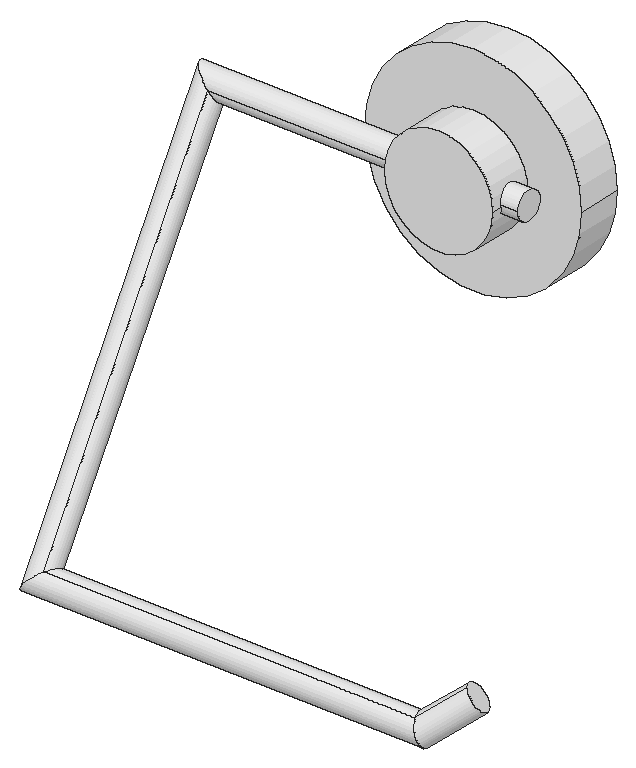
Revit family "Держатель для туалетной бумаги", category Оборудование, Revit 2017
Family settings
  Размер круглого соединителя = Использовать радиус
  Тип детали = Вставляется
  На основе рабочей плоскости = Нет
  Всегда вертикально = Да
  При загрузке вырезать с полостями = Нет
  Общий = Нет
  Точка расчета площади = Нет
Parameters (values of type "Держ туал бум")
  Примечание = ""
  Позиция = ""
  Обозначение = ""
  Наименование = "Держатель пластиковый для рулонной туалетной бумаги"
  Масса = ""
  Код оборудования = ""
  Keynote = ""
  Изготовитель = "Severin"
  Завод = ""
  Единицы = "шт."
Reference planes
  plane 1 "По центру (Вперед/Назад)": y = 0
  plane 2: z = 0
  plane 3 "По центру (Влево/Вправо)": x = 0
  plane 4: through (0, -15, 0) normal (0, -0.8572, 0.515)
Forms (mm)
  Extrusion 1, solid, material "Сталь, хромированная", detail levels fine
    sketch origin (0, 0, 85.102) x (1, 0, 0) y (0, 0, 1)
      loop
        circle (0, 0) r 25
    from 0 to 10
  Extrusion 2, solid, material "Сталь, хромированная", detail levels fine
    sketch origin (0, 0, 85.102) x (1, 0, 0) y (0, 0, 1)
      loop
        circle (0, 0) r 12.442
    from 10 to 20
  Sweep 3, solid, material "Сталь, хромированная", detail levels fine
    path origin (0, 22.57, 62.528) x (0, 0.515038, 0.857167) y (-1, 0, 0)
      loop
        line (0.603, -16.482) -> (0.603, 56.613) -> (-94.397, 56.613) -> (-94.397, -31.349) -> (-85.422, -40.324)
    profile origin (-20.065, 22.881, 63.044) x (0, -0.515038, -0.857167) y (0, -0.857167, 0.515038)
      loop
        circle (0, 43.831) r 3.185
Lines and regions (mm)
  symbolic lines, detail levels coarse+medium
    curve 1: line (-63.117, 0, 0) -> (44.048, 0, 0)
    curve 2: line (-63.117, -70, 0) -> (-63.117, 0, 0)
    curve 3: line (44.048, -70, 0) -> (-63.117, -70, 0)
    curve 4: line (44.048, 0, 0) -> (44.048, -70, 0)
    curve 5: line (-24.953, 0, 0) -> (25, 0, 0)
    curve 6: line (-24.953, -10, 0) -> (-24.953, 0, 0)
    curve 7: line (25, -10, 0) -> (-24.953, -10, 0)
    curve 8: line (25, 0, 0) -> (25, -10, 0)
Dimensions and locks
  aligned and locked: level to plane 2
